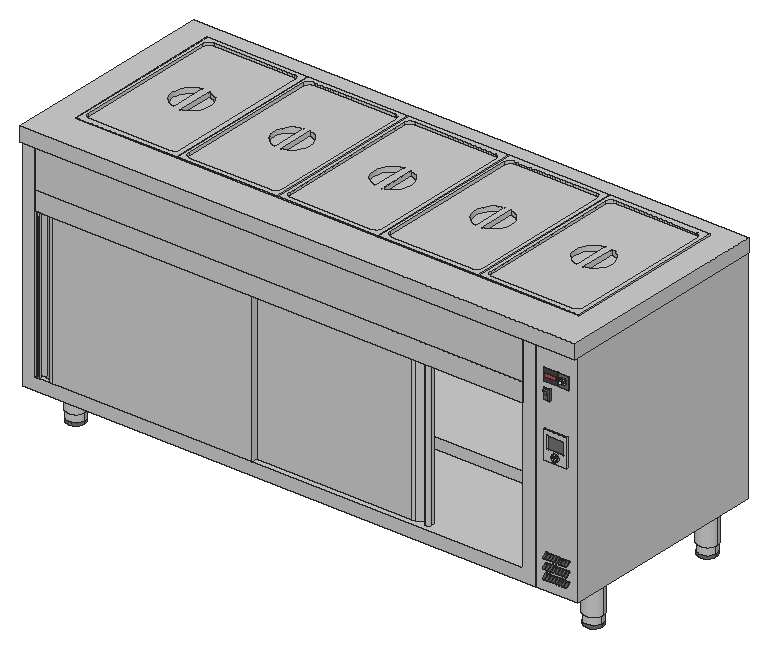
Revit family "QF_INOMAK_MHV718_250606083238", category Specialty Equipment, Revit 2021
Family settings
  Round Connector Dimension = Use Diameter
  Part Type = Normal
  OmniClass Number = 23.40.40.14
  OmniClass Title = Food Service Equipment
  Work Plane-Based = No
  Always vertical = Yes
  Cut with Voids When Loaded = No
  Shared = No
  Room Calculation Point = No
Parameters (values of type "MHV718")
  Weight [instance] = 77.00 kg
  Waste Water Discharge Temperature [instance] = 0 °C
  Waste Remarks [instance] = ""
  Warranty Start Date [instance] = ""
  Warranty Duration [instance] = ""
  Volts [instance] = 400 V
  Volt Free Conn [instance] = no
  URL Recommended Spares List [instance] = ""
  URL Manufacturer [instance] = ""
  URL Cutsheet [instance] = ""
  URL Critical Spares List [instance] = ""
  URL = "www.inomak.com"
  Technical Documentation [instance] = ""
  Tag Number [instance] = ""
  Status [instance] = ""
  Start Up Current [instance] = 0 A
  Specification by User [instance] = ""
  Specification by Manufacturer [instance] = ""
  Sound Level [instance] = ""
  Show Logo [instance] = yes
  Show Clearances [instance] = yes
  Service Life Duration [instance] = ""
  Serial Number [instance] = ""
  Seismic Rating [instance] = ""
  SMACNA No [instance] = ""
  Revision Code [instance] = ""
  Revision [instance] = ""
  Production Year [instance] = ""
  Potential Equalisation [instance] = no
  Point Load [instance] = 0
  Plumbing Remarks [instance] = ""
  Plumbing Connection Type [instance] = ""
  Phase [instance] = 3
  Other Equipment Approvals [instance] = ""
  Operational Current [instance] = 0 A
  Odor Trap Included [instance] = no
  Number of Poles [instance] = 3
  No Load Power Draw [instance] = no
  National Water Regulation Certification [instance] = no
  NAFEM Spec ID Number [instance] = ""
  Model Warning [instance] = ""
  Model = "MHV718"
  Min Ckt Ampacity [instance] = 0 A
  Max Overcurrent Protection [instance] = 25 A
  Masterspec [instance] = ""
  Manufacturer = "INOMAK"
  Main switch integrated [instance] = no
  Length Actual [instance] = 1792 mm
  Item Number [instance] = ""
  Installed By [instance] = ""
  Installation Date [instance] = ""
  Indirect Waste Size [instance] = 25.4 mm
  Indirect Waste Remarks [instance] = ""
  Indirect Waste Flow [instance] = 0.0 L/s
  Indirect Waste Connection Type [instance] = ""
  Indirect Waste Connection Height [instance] = 0 mm
  Identify Quantity as Lot [instance] = no
  ID [instance] = ""
  Hygiene Approval [instance] = ""
  Height Actual [instance] = 900 mm
  HP power [instance] = ""
  Furnished By [instance] = ""
  Foodservice Equipment Identifier [instance] = no
  FL Amps [instance] = 19.4 A
  Electrical Remarks [instance] = ""
  Electric power [instance] = 4440 W
  Electric Connection Type [instance] = ""
  Elec Conn RI Height [instance] = 0 mm
  Elec Conn Connection Height [instance] = 0 mm
  ETL Approved [instance] = no
  Direct Waste Water Discharge Temperature [instance] = -273.15 °C
  Direct Waste Size [instance] = 25.4 mm
  Direct Waste RI Height [instance] = 0 mm
  Direct Waste Flow [instance] = 0.0 L/s
  Direct Waste Connection Height [instance] = 0 mm
  Description = "BAIN MARIE ON HEATED CUPBOARD WITH 4 GN PANS CAPACITY"
  Depth Actual [instance] = 700 mm
  Default Elevation = 0 mm
  Cycle [instance] = 50 Hz
  Cost = 0
  Connection to energy optimisation system [instance] = yes
  Conn Plug [instance] = ""
  Conn Conduit [instance] = no
  Cold Water Temperature Recommended [instance] = 0 °C
  Cold Water Size [instance] = 12.7 mm
  Cold Water Remarks [instance] = ""
  Cold Water RI Height [instance] = 0 mm
  Cold Water Quality [instance] = ""
  Cold Water Minimum Pressure [instance] = 200000.0 Pa
  Cold Water Maximum Pressure [instance] = 600000.0 Pa
  Cold Water Flow [instance] = 0.0 L/s
  Cold Water Connection Type [instance] = ""
  Cold Water Connection Height [instance] = 0 mm
  Centralized building control system with digital interface [instance] = ""
  CSI MasterFormat [instance] = ""
  CE Approved [instance] = no
  Barcode [instance] = 0
  Author [instance] = ""
  Asset Identifier [instance] = ""
  Apparent Power [instance] = 4440 VA
  Accessory [instance] = no
Reference planes
  plane 1 "Center (Front/Back)": y = 0
  plane 2: z = 0
  plane 3 "Center (Left/Right)": x = 0
Forms (mm)
  Extrusion 1, solid, not visible
    sketch origin (110.005, -510.025, 142.007) x (1, 0, 0) y (0, 1, 0)
      loop
        line (-2, 2) -> (-2, -2) -> (2, -2) -> (2, 2) -> (-2, 2)
    from -2 to 2
  Extrusion 2, solid, not visible
    sketch origin (110.005, -410.02, 142.007) x (1, 0, 0) y (0, 1, 0)
      loop
        line (-2, 2) -> (-2, -2) -> (2, -2) -> (2, 2) -> (-2, 2)
    from -2 to 2
  Extrusion 3, solid, not visible
    sketch origin (1745.085, -635.031, 142.007) x (1, 0, 0) y (0, 1, 0)
      loop
        line (-2, 2) -> (-2, -2) -> (2, -2) -> (2, 2) -> (-2, 2)
    from -2 to 2
Dimensions and locks
  locked: nested 2 to Extrusion 1 at 2  (x2)
  locked: nested 3 to Extrusion 2 at 2  (x2)
  locked: nested 4 to Extrusion 3 at 2  (x2)
  aligned and locked: level to plane 2
Nested families
  nested 1: "QF_INOMAK_CUPBOARD_BAIN_MARIES_1795_2920" at (0, 0, 140), type "MHV718"
    with Weight 77.00 kg, Warranty Start Date "", Warranty Duration "", URL Cutsheet "", Technical Documentation "", Tag Number "", Status "", Specification by User "", Specification by Manufacturer "", Sound Level "", Solid Fuel Type "", Show Logo yes, Show Clearances yes, Service Life Duration "", Serial Number "", Seismic Rating "", SMACNA No "", Revision Code "", Revision "", Production Year "", Point Load 0, Other Equipment Approvals "", NAFEM Spec ID Number "", Model Warning "", Masterspec "", Length Actual 1792 mm, Item Number "", Installed By "", Installation Date "", Identify Quantity as Lot yes, ID "", Hygiene Approval "", Height Actual 900 mm, Furnished By "", Foodservice Equipment Identifier yes, ETL Approved yes, Depth Actual 700 mm, CSI MasterFormat "", CE Approved yes, Barcode "", Author "", Asset Identifier "", Accessory no
  nested 2: "CONN_POINT_COLDWATER_2D___Generic_Annotation" at (110.005, -510.025, 140.007), type "CONN_POINT_COLDWATER_2D___Generic_Annotation"
    with Onboard connection annotation symbol visibility yes
  nested 3: "CONN_POINT_DRAIN_2D___Generic_Annotation" at (110.005, -410.02, 140.007), type "CONN_POINT_DRAIN_2D___Generic_Annotation"
    with Onboard connection annotation symbol visibility yes
  nested 4: "CONN_POINT_ELE_2D___Generic_Annotation" at (1745.085, -635.031, 140.007), type "CONN_POINT_ELE_2D___Generic_Annotation"
    with Onboard connection annotation symbol visibility yes
  nested 5: "QF_INOMAK_LEGS_5089" at (0, 0, 0), type "LG-1795-700"
    with Weight 0.00 kg, Warranty Start Date "", Warranty Duration "", URL Cutsheet "", Technical Documentation "", Tag Number "", Status "", Specification by User "", Specification by Manufacturer "", Sound Level "", Solid Fuel Type "", Show Logo yes, Show Clearances yes, Service Life Duration "", Serial Number "", Seismic Rating "", SMACNA No "", Revision Code "", Revision "", Production Year "", Point Load 0, Other Equipment Approvals "", NAFEM Spec ID Number "", Model Warning "", Masterspec "", Length Actual 1792 mm, Item Number "", Installed By "", Installation Date "", Identify Quantity as Lot yes, ID "", Hygiene Approval "", Height Actual 140 mm, Furnished By "", Foodservice Equipment Identifier yes, ETL Approved yes, Depth Actual 700 mm, CSI MasterFormat "", CE Approved yes, Barcode "", Author "", Asset Identifier "", Accessory yes
Connectors
  piping at (110.005, -510.025, 140.007), diameter 12.7, driven by "Cold Water Size", driven by "Cold Water Flow"
    settings: on Extrusion 1, index 1, connector inside diameter 609.6 mm, connector length 0 mm, flow factor 0, pipe flow 0.0 L/s, pressure drop 0.0 Pa, fitting loss kfactor 0, connector angle 0.00°, fixture units 0, engagement length 0 mm, angle of deflection 0.00°, flow configuration 1, flow direction 1, fitting loss method 0, system type 20, joint type 0, gender type 0, connector reference index -1, connector utility 0, adjustable connector no, is connector primary yes, connector description "Cold Water connection for MHV718"
  piping at (110.005, -410.02, 140.007), diameter 25.4, driven by "Indirect Waste Size", driven by "Direct Waste Flow"
    settings: on Extrusion 2, index 2, connector inside diameter 609.6 mm, connector length 0 mm, flow factor 0, pipe flow 0.0 L/s, pressure drop 0.0 Pa, fitting loss kfactor 0, connector angle 0.00°, fixture units 0, engagement length 0 mm, angle of deflection 0.00°, flow configuration 1, flow direction 2, fitting loss method 0, system type 16, joint type 0, gender type 0, connector reference index -1, connector utility 0, adjustable connector no, is connector primary no, connector description "Waste connection for MHV718"
  electrical at (1745.085, -635.031, 140.007), driven by "Apparent Power", driven by "Number of Poles", driven by "Volts"
    settings: on Extrusion 3, index 3, voltage 400 V, apparent load 0 VA, apparent load phase1 4440 VA, apparent load phase2 0 VA, apparent load phase3 0 VA, power factor 1, load classification "Other", number of poles 3, system type 31, power factor state 1, is connector primary yes, connector utility no, sub classification motor no, connector description "Electrical connection for MHV718"
Definition of nested family "QF_INOMAK_CUPBOARD_BAIN_MARIES_1795_2920"
  Parameters (values of type "MDV718")
    Weight [instance] = 0.00 kg
    Warranty Start Date [instance] = ""
    Warranty Duration [instance] = ""
    URL Cutsheet [instance] = ""
    URL = "www.inomak.com"
    Technical Documentation [instance] = ""
    Tag Number [instance] = ""
    Status [instance] = ""
    Specification by User [instance] = ""
    Specification by Manufacturer [instance] = ""
    Sound Level [instance] = ""
    Solid Fuel Type [instance] = ""
    Show Logo [instance] = yes
    Show Clearances [instance] = yes
    Service Life Duration [instance] = ""
    Serial Number [instance] = ""
    Seismic Rating [instance] = ""
    SMACNA No [instance] = ""
    Revision Code [instance] = ""
    Revision [instance] = ""
    Production Year [instance] = ""
    Point Load [instance] = 0
    Other Equipment Approvals [instance] = ""
    NAFEM Spec ID Number [instance] = ""
    Model Warning [instance] = ""
    Model = "MDV718"
    Masterspec [instance] = ""
    Manufacturer = "INOMAK"
    Length Actual [instance] = 0 mm
    Item Number [instance] = ""
    Installed By [instance] = ""
    Installation Date [instance] = ""
    Identify Quantity as Lot [instance] = yes
    ID [instance] = ""
    Hygiene Approval [instance] = ""
    Height Actual [instance] = 0 mm
    Furnished By [instance] = ""
    Foodservice Equipment Identifier [instance] = yes
    ETL Approved [instance] = yes
    Description = "BAIN MARIE ON CUPBOARD WITH 4 GN PANS CAPACITY"
    Depth Actual [instance] = 0 mm
    Default Elevation = 0 mm
    CSI MasterFormat [instance] = ""
    CE Approved [instance] = yes
    Barcode [instance] = ""
    Author [instance] = ""
    Asset Identifier [instance] = ""
    Assembly Code = "E1090320"
    Accessory [instance] = yes
  Types (10, lengths in mm): name | Model | Description
    MFV718 | "MFV718" | "BAIN MARIE ON CUPBOARD WITH 4 GN PANS CAPACITY AND SHOWCASE"
    MHV718 | "MHV718" | "BAIN MARIE ON HEATED CUPBOARD WITH 4 GN PANS CAPACITY"
    MJV718 | "MJV718" | "BAIN MARIE ON HEATED CUPBOARD WITH 4 GN PANS CAPACITY AND SINGLE SNEEZE GUARD"
    MQV718 | "MQV718" | "BAIN MARIE ON HEATED CUPBOARD WITH 4 GN PANS CAPACITY AND DOUBLE SNEEZE GUARD"
    MISQ718 | "MISQ718" | "BAIN MARIE ON HEATED CUPBOARD WITH 4 GN PANS CAPACITY AND SQUARE SHOWCASE"
    MDV718 | "MDV718" | "BAIN MARIE ON CUPBOARD WITH 4 GN PANS CAPACITY"
    MVV718 | "MVV718" | "BAIN MARIE ON CUPBOARD WITH 4 GN PANS CAPACITY AND SINGLE SNEEZE GUARD"
    MRV718 | "MRV718" | "BAIN MARIE ON CUPBOARD WITH 4 GN PANS CAPACITY AND DOUBLE SNEEZE GUARD"
    MFSQ718 | "MFSQ718" | "BAIN MARIE ON CUPBOARD WITH 4 GN PANS CAPACITY AND SQUARE SHOWCASE"
    MIV718 | "MIV718" | "BAIN MARIE ON HEATED CUPBOARD WITH 4 GN PANS CAPACITY AND SHOWCASE"
  Reference planes
    plane 1 "Back": y = 0
    plane 2: z = 0
    plane 3 "Left": x = 0
    plane 4 "Right": x = 1792
    plane 5 "Front": y = -700
    plane 6 "Top": z = 756
  Forms (mm)
    Extrusion 1, solid
      sketch origin (1168.283, -707, -123.631) x (-1, 0, 0) y (0, 0, 1)
        loop
          arc (-522.253, 235.165) -> (-526.351, 236.263) -> (-527.449, 232.165) r 3
          line (-527.449, 232.165) -> (-518.449, 216.577)
          arc (-518.449, 216.577) -> (-514.351, 215.479) -> (-513.253, 219.577) r 3
          line (-513.253, 219.577) -> (-522.253, 235.165)
        loop
          arc (-532.253, 235.165) -> (-536.351, 236.263) -> (-537.449, 232.165) r 3
          line (-537.449, 232.165) -> (-528.449, 216.577)
          arc (-528.449, 216.577) -> (-524.351, 215.479) -> (-523.253, 219.577) r 3
          line (-523.253, 219.577) -> (-532.253, 235.165)
        loop
          arc (-542.253, 235.165) -> (-546.351, 236.263) -> (-547.449, 232.165) r 3
          line (-547.449, 232.165) -> (-538.449, 216.577)
          arc (-538.449, 216.577) -> (-534.351, 215.479) -> (-533.253, 219.577) r 3
          line (-533.253, 219.577) -> (-542.253, 235.165)
        loop
          arc (-552.253, 235.165) -> (-556.351, 236.263) -> (-557.449, 232.165) r 3
          line (-557.449, 232.165) -> (-548.449, 216.577)
          arc (-548.449, 216.577) -> (-544.351, 215.479) -> (-543.253, 219.577) r 3
          line (-543.253, 219.577) -> (-552.253, 235.165)
        loop
          arc (-562.253, 235.165) -> (-566.351, 236.263) -> (-567.449, 232.165) r 3
          line (-567.449, 232.165) -> (-558.449, 216.577)
          arc (-558.449, 216.577) -> (-554.351, 215.479) -> (-553.253, 219.577) r 3
          line (-553.253, 219.577) -> (-562.253, 235.165)
        loop
          arc (-572.253, 235.165) -> (-576.351, 236.263) -> (-577.449, 232.165) r 3
          line (-577.449, 232.165) -> (-568.449, 216.577)
          arc (-568.449, 216.577) -> (-564.351, 215.479) -> (-563.253, 219.577) r 3
          line (-563.253, 219.577) -> (-572.253, 235.165)
        loop
          arc (-582.253, 235.165) -> (-586.351, 236.263) -> (-587.449, 232.165) r 3
          line (-587.449, 232.165) -> (-578.449, 216.577)
          arc (-578.449, 216.577) -> (-574.351, 215.479) -> (-573.253, 219.577) r 3
          line (-573.253, 219.577) -> (-582.253, 235.165)
        loop
          arc (-592.253, 235.165) -> (-596.351, 236.263) -> (-597.449, 232.165) r 3
          line (-597.449, 232.165) -> (-588.449, 216.577)
          arc (-588.449, 216.577) -> (-584.351, 215.479) -> (-583.253, 219.577) r 3
          line (-583.253, 219.577) -> (-592.253, 235.165)
        loop
          arc (-522.253, 205.165) -> (-526.351, 206.263) -> (-527.449, 202.165) r 3
          line (-527.449, 202.165) -> (-518.449, 186.577)
          arc (-518.449, 186.577) -> (-514.351, 185.479) -> (-513.253, 189.577) r 3
          line (-513.253, 189.577) -> (-522.253, 205.165)
        loop
          arc (-532.253, 205.165) -> (-536.351, 206.263) -> (-537.449, 202.165) r 3
          line (-537.449, 202.165) -> (-528.449, 186.577)
          arc (-528.449, 186.577) -> (-524.351, 185.479) -> (-523.253, 189.577) r 3
          line (-523.253, 189.577) -> (-532.253, 205.165)
        loop
          arc (-542.253, 205.165) -> (-546.351, 206.263) -> (-547.449, 202.165) r 3
          line (-547.449, 202.165) -> (-538.449, 186.577)
          arc (-538.449, 186.577) -> (-534.351, 185.479) -> (-533.253, 189.577) r 3
          line (-533.253, 189.577) -> (-542.253, 205.165)
        loop
          arc (-552.253, 205.165) -> (-556.351, 206.263) -> (-557.449, 202.165) r 3
          line (-557.449, 202.165) -> (-548.449, 186.577)
          arc (-548.449, 186.577) -> (-544.351, 185.479) -> (-543.253, 189.577) r 3
          line (-543.253, 189.577) -> (-552.253, 205.165)
        loop
          arc (-562.253, 205.165) -> (-566.351, 206.263) -> (-567.449, 202.165) r 3
          line (-567.449, 202.165) -> (-558.449, 186.577)
          arc (-558.449, 186.577) -> (-554.351, 185.479) -> (-553.253, 189.577) r 3
          line (-553.253, 189.577) -> (-562.253, 205.165)
        loop
          arc (-572.253, 205.165) -> (-576.351, 206.263) -> (-577.449, 202.165) r 3
          line (-577.449, 202.165) -> (-568.449, 186.577)
          arc (-568.449, 186.577) -> (-564.351, 185.479) -> (-563.253, 189.577) r 3
          line (-563.253, 189.577) -> (-572.253, 205.165)
        loop
          arc (-582.253, 205.165) -> (-586.351, 206.263) -> (-587.449, 202.165) r 3
          line (-587.449, 202.165) -> (-578.449, 186.577)
          arc (-578.449, 186.577) -> (-574.351, 185.479) -> (-573.253, 189.577) r 3
          line (-573.253, 189.577) -> (-582.253, 205.165)
        loop
          arc (-592.253, 205.165) -> (-596.351, 206.263) -> (-597.449, 202.165) r 3
          line (-597.449, 202.165) -> (-588.449, 186.577)
          arc (-588.449, 186.577) -> (-584.351, 185.479) -> (-583.253, 189.577) r 3
          line (-583.253, 189.577) -> (-592.253, 205.165)
        loop
          arc (-522.253, 175.165) -> (-526.351, 176.263) -> (-527.449, 172.165) r 3
          line (-527.449, 172.165) -> (-518.449, 156.577)
          arc (-518.449, 156.577) -> (-514.351, 155.479) -> (-513.253, 159.577) r 3
          line (-513.253, 159.577) -> (-522.253, 175.165)
        loop
          arc (-532.253, 175.165) -> (-536.351, 176.263) -> (-537.449, 172.165) r 3
          line (-537.449, 172.165) -> (-528.449, 156.577)
          arc (-528.449, 156.577) -> (-524.351, 155.479) -> (-523.253, 159.577) r 3
          line (-523.253, 159.577) -> (-532.253, 175.165)
        loop
          arc (-542.253, 175.165) -> (-546.351, 176.263) -> (-547.449, 172.165) r 3
          line (-547.449, 172.165) -> (-538.449, 156.577)
          arc (-538.449, 156.577) -> (-534.351, 155.479) -> (-533.253, 159.577) r 3
          line (-533.253, 159.577) -> (-542.253, 175.165)
        loop
          arc (-552.253, 175.165) -> (-556.351, 176.263) -> (-557.449, 172.165) r 3
          line (-557.449, 172.165) -> (-548.449, 156.577)
          arc (-548.449, 156.577) -> (-544.351, 155.479) -> (-543.253, 159.577) r 3
          line (-543.253, 159.577) -> (-552.253, 175.165)
        loop
          arc (-562.253, 175.165) -> (-566.351, 176.263) -> (-567.449, 172.165) r 3
          line (-567.449, 172.165) -> (-558.449, 156.577)
          arc (-558.449, 156.577) -> (-554.351, 155.479) -> (-553.253, 159.577) r 3
          line (-553.253, 159.577) -> (-562.253, 175.165)
        loop
          arc (-572.253, 175.165) -> (-576.351, 176.263) -> (-577.449, 172.165) r 3
          line (-577.449, 172.165) -> (-568.449, 156.577)
          arc (-568.449, 156.577) -> (-564.351, 155.479) -> (-563.253, 159.577) r 3
          line (-563.253, 159.577) -> (-572.253, 175.165)
        loop
          arc (-582.253, 175.165) -> (-586.351, 176.263) -> (-587.449, 172.165) r 3
          line (-587.449, 172.165) -> (-578.449, 156.577)
          arc (-578.449, 156.577) -> (-574.351, 155.479) -> (-573.253, 159.577) r 3
          line (-573.253, 159.577) -> (-582.253, 175.165)
        loop
          arc (-592.253, 175.165) -> (-596.351, 176.263) -> (-597.449, 172.165) r 3
          line (-597.449, 172.165) -> (-588.449, 156.577)
          arc (-588.449, 156.577) -> (-584.351, 155.479) -> (-583.253, 159.577) r 3
          line (-583.253, 159.577) -> (-592.253, 175.165)
      from 16.5 to 18.5
    Extrusion 2, solid
      sketch origin (1476.266, -692, 538.514) x (-1, 0, 0) y (0, 0, 1)
        loop
          line (-208.234, 108.408) -> (-253.234, 108.408) -> (-253.234, 68.408) -> (-208.234, 68.408) -> (-208.234, 108.408)
      from 0 to 2
    Extrusion 3, solid
      sketch origin (754.5, -693, 539.422) x (-1, 0, 0) y (0, 0, 1)
        loop
          line (-950, 15) -> (-930, 15) -> (-930, 50) -> (-950, 50) -> (-950, 15)
      from 0 to 3
    Extrusion 4, solid
      sketch origin (782.5, -568, 539.422) x (0, 1, 0) y (0, 0, 1)
        loop
          line (-125, 18) -> (-125, 47)
          arc (-125, 47) -> (-127.961, 46.812) -> (-130.754, 45.81) r 10.576
          line (-130.754, 45.81) -> (-128, 32.5) -> (-128, 18) -> (-125, 18)
      from 905 to 919
    Extrusion 5, solid
      sketch origin (1521.266, -692, 538.514) x (-1, 0, 0) y (0, 0, 1)
        loop
          line (-208.234, 108.408) -> (-243.234, 108.408) -> (-243.234, 68.408) -> (-208.234, 68.408) -> (-208.234, 108.408)
      from 0 to 2
    Extrusion 6, solid
      sketch origin (1476.266, -692.5, 538.514) x (-1, 0, 0) y (0, 0, 1)
        loop
          line (-213.234, 94.908) -> (-248.234, 94.908) -> (-248.234, 81.908) -> (-213.234, 81.908) -> (-213.234, 94.908)
      from 0 to 2.5
    Extrusion 7, solid
      sketch origin (1476.266, -692.5, 538.514) x (-1, 0, 0) y (0, 0, 1)
        loop
          line (-271.558, 91.171) -> (-275.802, 98.522) -> (-280.047, 91.171) -> (-271.558, 91.171)
        loop
          line (-271.558, 85.645) -> (-280.047, 85.645) -> (-275.802, 78.294) -> (-271.558, 85.645)
        loop
          line (-257.397, 85.645) -> (-267.397, 85.645) -> (-267.397, 78.294) -> (-257.397, 78.294) -> (-257.397, 85.645)
        loop
          line (-265.397, 98.522) -> (-267.397, 98.522) -> (-267.397, 92.322) -> (-259.549, 92.322) -> (-259.549, 91.171) -> (-257.397, 93.322) -> (-259.549, 95.474) -> (-259.549, 94.322) -> (-265.397, 94.322) -> (-265.397, 98.522)
      from 0 to 2.5
    Extrusion 8, solid
      sketch origin (28.5, 0, 488) x (1, 0, 0) y (0, 1, 0)
        loop
          line (55, -50) -> (55, -580) -> (380, -580) -> (380, -50) -> (55, -50)
        loop
          arc (87.5, -65) -> (73.358, -70.858) -> (67.5, -85) r 20
          line (67.5, -85) -> (67.5, -545.415)
          arc (67.5, -545.415) -> (73.358, -559.557) -> (87.5, -565.415) r 20
          line (87.5, -565.415) -> (347.5, -565.415)
          arc (347.5, -565.415) -> (361.642, -559.557) -> (367.5, -545.415) r 20
          line (367.5, -545.415) -> (367.5, -85)
          arc (367.5, -85) -> (361.642, -70.858) -> (347.5, -65) r 20
          line (347.5, -65) -> (87.5, -65)
      from 222 to 270
    Extrusion 9, solid
      sketch origin (28.5, 0, 481) x (1, 0, 0) y (0, 1, 0)
        loop
          arc (67.5, -545.415) -> (73.358, -559.557) -> (87.5, -565.415) r 20
          line (87.5, -565.415) -> (347.5, -565.415)
          arc (347.5, -565.415) -> (361.642, -559.557) -> (367.5, -545.415) r 20
          line (367.5, -545.415) -> (367.5, -85)
          arc (367.5, -85) -> (361.642, -70.858) -> (347.5, -65) r 20
          line (347.5, -65) -> (87.5, -65)
          arc (87.5, -65) -> (73.358, -70.858) -> (67.5, -85) r 20
          line (67.5, -85) -> (67.5, -545.415)
      from 229 to 270
    Extrusion 10, void
      sketch origin (28.5, 0, 496) x (1, 0, 0) y (0, 1, 0)
        loop
          arc (207.5, -256.046) -> (157.5, -315.207) -> (207.5, -374.368) r 60
          line (207.5, -374.368) -> (207.5, -256.046)
        loop
          line (227.5, -256.046) -> (227.5, -374.368)
          arc (227.5, -374.368) -> (277.5, -315.207) -> (227.5, -256.046) r 60
      from 240 to 270
    Extrusion 11, solid
      sketch origin (353.5, 0, 488) x (1, 0, 0) y (0, 1, 0)
        loop
          line (55, -50) -> (55, -580) -> (380, -580) -> (380, -50) -> (55, -50)
        loop
          arc (87.5, -65) -> (73.358, -70.858) -> (67.5, -85) r 20
          line (67.5, -85) -> (67.5, -545.415)
          arc (67.5, -545.415) -> (73.358, -559.557) -> (87.5, -565.415) r 20
          line (87.5, -565.415) -> (347.5, -565.415)
          arc (347.5, -565.415) -> (361.642, -559.557) -> (367.5, -545.415) r 20
          line (367.5, -545.415) -> (367.5, -85)
          arc (367.5, -85) -> (361.642, -70.858) -> (347.5, -65) r 20
          line (347.5, -65) -> (87.5, -65)
      from 222 to 270
    Extrusion 12, solid
      sketch origin (353.5, 0, 481) x (1, 0, 0) y (0, 1, 0)
        loop
          arc (67.5, -545.415) -> (73.358, -559.557) -> (87.5, -565.415) r 20
          line (87.5, -565.415) -> (347.5, -565.415)
          arc (347.5, -565.415) -> (361.642, -559.557) -> (367.5, -545.415) r 20
          line (367.5, -545.415) -> (367.5, -85)
          arc (367.5, -85) -> (361.642, -70.858) -> (347.5, -65) r 20
          line (347.5, -65) -> (87.5, -65)
          arc (87.5, -65) -> (73.358, -70.858) -> (67.5, -85) r 20
          line (67.5, -85) -> (67.5, -545.415)
      from 229 to 270
    Extrusion 13, void
      sketch origin (353.5, 0, 496) x (1, 0, 0) y (0, 1, 0)
        loop
          arc (207.5, -256.046) -> (157.5, -315.207) -> (207.5, -374.368) r 60
          line (207.5, -374.368) -> (207.5, -256.046)
        loop
          line (227.5, -256.046) -> (227.5, -374.368)
          arc (227.5, -374.368) -> (277.5, -315.207) -> (227.5, -256.046) r 60
      from 240 to 270
    Extrusion 14, solid
      sketch origin (1003.5, 0, 488) x (1, 0, 0) y (0, 1, 0)
        loop
          line (55, -50) -> (55, -580) -> (380, -580) -> (380, -50) -> (55, -50)
        loop
          arc (87.5, -65) -> (73.358, -70.858) -> (67.5, -85) r 20
          line (67.5, -85) -> (67.5, -545.415)
          arc (67.5, -545.415) -> (73.358, -559.557) -> (87.5, -565.415) r 20
          line (87.5, -565.415) -> (347.5, -565.415)
          arc (347.5, -565.415) -> (361.642, -559.557) -> (367.5, -545.415) r 20
          line (367.5, -545.415) -> (367.5, -85)
          arc (367.5, -85) -> (361.642, -70.858) -> (347.5, -65) r 20
          line (347.5, -65) -> (87.5, -65)
      from 222 to 270
    Extrusion 15, solid
      sketch origin (1003.5, 0, 481) x (1, 0, 0) y (0, 1, 0)
        loop
          arc (67.5, -545.415) -> (73.358, -559.557) -> (87.5, -565.415) r 20
          line (87.5, -565.415) -> (347.5, -565.415)
          arc (347.5, -565.415) -> (361.642, -559.557) -> (367.5, -545.415) r 20
          line (367.5, -545.415) -> (367.5, -85)
          arc (367.5, -85) -> (361.642, -70.858) -> (347.5, -65) r 20
          line (347.5, -65) -> (87.5, -65)
          arc (87.5, -65) -> (73.358, -70.858) -> (67.5, -85) r 20
          line (67.5, -85) -> (67.5, -545.415)
      from 229 to 270
    Extrusion 16, void
      sketch origin (1003.5, 0, 496) x (1, 0, 0) y (0, 1, 0)
        loop
          arc (207.5, -256.046) -> (157.5, -315.207) -> (207.5, -374.368) r 60
          line (207.5, -374.368) -> (207.5, -256.046)
        loop
          line (227.5, -256.046) -> (227.5, -374.368)
          arc (227.5, -374.368) -> (277.5, -315.207) -> (227.5, -256.046) r 60
      from 240 to 270
    Extrusion 17, solid
      sketch origin (0, 0, 706) x (1, 0, 0) y (0, 1, 0)
        loop
          line (0, 0) -> (0, -700) -> (1792, -700) -> (1792, 0) -> (0, 0)
        loop
          line (83.5, -50) -> (83.5, -580) -> (1708.5, -580) -> (1708.5, -50) -> (83.5, -50)
      from 4 to 50
    Extrusion 18, solid
      sketch origin (0, 0, 0) x (1, 0, 0) y (0, 1, 0)
        loop
          line (0, -690) -> (40, -690) -> (40, -40) -> (1617, -40) -> (1617, -690) -> (1657, -690) -> (1657, 0) -> (0, 0) -> (0, -690)
      from 0 to 710
    Extrusion 19, solid
      sketch origin (687, 0, 0) x (1, 0, 0) y (0, 1, 0)
        loop
          line (970, 0) -> (970, -690) -> (1105, -690) -> (1105, 0) -> (970, 0)
      from 0 to 710
    Extrusion 20, solid
      sketch origin (-130, -690, 0) x (-1, 0, 0) y (0, 1, 0)
        loop
          line (-170, 10) -> (-170, 20) -> (-868.5, 20) -> (-868.5, 0) -> (-226.156, 0)
          arc (-226.156, 0) -> (-220.272, 0.885) -> (-214.91, 3.461) r 20
          line (-214.91, 3.461) -> (-195, 17) -> (-173, 17) -> (-173, 10)
          arc (-173, 10) -> (-175.05, 5.05) -> (-180, 3) r 7
          line (-180, 3) -> (-185.012, 3) -> (-185.012, 0) -> (-180, 0)
          arc (-180, 0) -> (-172.929, 2.929) -> (-170, 10) r 10
      from -40 to -520
    Extrusion 21, solid
      sketch origin (367, -690, 0) x (-1, 0, 0) y (0, 1, 0)
        loop
          arc (-930, 30) -> (-927.071, 22.929) -> (-920, 20) r 10
          line (-920, 20) -> (-914.988, 20) -> (-914.988, 23) -> (-920, 23)
          arc (-920, 23) -> (-924.95, 25.05) -> (-927, 30) r 7
          line (-927, 30) -> (-927, 37) -> (-905, 37) -> (-885.09, 23.461)
          arc (-885.09, 23.461) -> (-879.728, 20.885) -> (-873.844, 20) r 20
          line (-873.844, 20) -> (-231.5, 20) -> (-231.5, 40) -> (-930, 40) -> (-930, 30)
      from -40 to -520
    Extrusion 22, solid
      sketch origin (0, 0, 0) x (1, 0, 0) y (0, 1, 0)
        loop
          line (40, -40) -> (40, -690) -> (1620, -690) -> (1620, -40) -> (40, -40)
      from 0 to 40
    Extrusion 23, solid
      sketch origin (0.5, 0, 672.314) x (1, 0, 0) y (0, 1, 0)
        loop
          line (39.5, -40) -> (39.5, -690) -> (1616.5, -690) -> (1616.5, -40) -> (39.5, -40)
      from -92.314 to 37.686
    Extrusion 24, solid
      sketch origin (-1.5, 0, 610.314) x (1, 0, 0) y (0, 1, 0)
        loop
          line (41.5, -40) -> (41.5, -690) -> (1618.5, -690) -> (1618.5, -40) -> (41.5, -40)
      from -90.314 to -30.314
    Extrusion 25, solid
      sketch origin (-1.5, 0, 252.5) x (1, 0, 0) y (0, 1, 0)
        loop
          line (41.5, -40) -> (41.5, -645) -> (1618.5, -645) -> (1618.5, -40) -> (41.5, -40)
      from 0 to 35
    Extrusion 26, solid
      sketch origin (694.002, -695, 50) x (-1, 0, 0) y (0, 0, 1)
        loop
          line (-992.998, 421.076) -> (-1067.998, 421.076) -> (-1067.998, 331.076) -> (-992.998, 331.076) -> (-992.998, 421.076)
        loop
          line (-1003.957, 406.276) -> (-1058.957, 406.276) -> (-1058.957, 366.276) -> (-1003.957, 366.276) -> (-1003.957, 406.276)
      from 0 to 5
    Extrusion 27, solid
      sketch origin (694.002, -692, 50) x (-1, 0, 0) y (0, 0, 1)
        loop
          line (-1003.957, 406.276) -> (-1058.957, 406.276) -> (-1058.957, 366.276) -> (-1003.957, 366.276) -> (-1003.957, 406.276)
      from 0 to 2
    Revolve 28, solid
      sketch origin (1724.5, 59.612, -3292.415) x (0, 1, 0) y (0, 0, 1)
        loop
          line (-757.012, 3691.152) -> (-754.612, 3691.152) -> (-754.612, 3701.789) -> (-757.662, 3701.789) -> (-759.012, 3699.998) -> (-757.012, 3699.998) -> (-757.012, 3691.152)
        axis (-754.612, 3691.152) -> (-759.012, 3691.152)
      angle from 0 to 360
    Extrusion 29, solid
      sketch origin (-367.127, -695, 2689.585) x (-1, 0, 0) y (0, 0, 1)
        loop
          line (-2090.827, -2287.348) -> (-2092.827, -2287.348) -> (-2092.827, -2294.348) -> (-2090.827, -2294.348) -> (-2090.827, -2287.348)
        loop
          circle (-2091.627, -2290.848) r 7.846
      from -4.4 to -2.4
    Extrusion 30, solid
      sketch origin (678.5, 0, 488) x (1, 0, 0) y (0, 1, 0)
        loop
          line (55, -50) -> (55, -580) -> (380, -580) -> (380, -50) -> (55, -50)
        loop
          arc (87.5, -65) -> (73.358, -70.858) -> (67.5, -85) r 20
          line (67.5, -85) -> (67.5, -545.415)
          arc (67.5, -545.415) -> (73.358, -559.557) -> (87.5, -565.415) r 20
          line (87.5, -565.415) -> (347.5, -565.415)
          arc (347.5, -565.415) -> (361.642, -559.557) -> (367.5, -545.415) r 20
          line (367.5, -545.415) -> (367.5, -85)
          arc (367.5, -85) -> (361.642, -70.858) -> (347.5, -65) r 20
          line (347.5, -65) -> (87.5, -65)
      from 222 to 270
    Extrusion 31, solid
      sketch origin (678.5, 0, 481) x (1, 0, 0) y (0, 1, 0)
        loop
          arc (67.5, -545.415) -> (73.358, -559.557) -> (87.5, -565.415) r 20
          line (87.5, -565.415) -> (347.5, -565.415)
          arc (347.5, -565.415) -> (361.642, -559.557) -> (367.5, -545.415) r 20
          line (367.5, -545.415) -> (367.5, -85)
          arc (367.5, -85) -> (361.642, -70.858) -> (347.5, -65) r 20
          line (347.5, -65) -> (87.5, -65)
          arc (87.5, -65) -> (73.358, -70.858) -> (67.5, -85) r 20
          line (67.5, -85) -> (67.5, -545.415)
      from 229 to 270
    Extrusion 32, void
      sketch origin (678.5, 0, 496) x (1, 0, 0) y (0, 1, 0)
        loop
          arc (207.5, -256.046) -> (157.5, -315.207) -> (207.5, -374.368) r 60
          line (207.5, -374.368) -> (207.5, -256.046)
        loop
          line (227.5, -256.046) -> (227.5, -374.368)
          arc (227.5, -374.368) -> (277.5, -315.207) -> (227.5, -256.046) r 60
      from 240 to 270
    Extrusion 33, solid
      sketch origin (1328.5, 0, 488) x (1, 0, 0) y (0, 1, 0)
        loop
          line (55, -50) -> (55, -580) -> (380, -580) -> (380, -50) -> (55, -50)
        loop
          arc (87.5, -65) -> (73.358, -70.858) -> (67.5, -85) r 20
          line (67.5, -85) -> (67.5, -545.415)
          arc (67.5, -545.415) -> (73.358, -559.557) -> (87.5, -565.415) r 20
          line (87.5, -565.415) -> (347.5, -565.415)
          arc (347.5, -565.415) -> (361.642, -559.557) -> (367.5, -545.415) r 20
          line (367.5, -545.415) -> (367.5, -85)
          arc (367.5, -85) -> (361.642, -70.858) -> (347.5, -65) r 20
          line (347.5, -65) -> (87.5, -65)
      from 222 to 270
    Extrusion 34, solid
      sketch origin (1328.5, 0, 481) x (1, 0, 0) y (0, 1, 0)
        loop
          arc (67.5, -545.415) -> (73.358, -559.557) -> (87.5, -565.415) r 20
          line (87.5, -565.415) -> (347.5, -565.415)
          arc (347.5, -565.415) -> (361.642, -559.557) -> (367.5, -545.415) r 20
          line (367.5, -545.415) -> (367.5, -85)
          arc (367.5, -85) -> (361.642, -70.858) -> (347.5, -65) r 20
          line (347.5, -65) -> (87.5, -65)
          arc (87.5, -65) -> (73.358, -70.858) -> (67.5, -85) r 20
          line (67.5, -85) -> (67.5, -545.415)
      from 229 to 270
    Extrusion 35, void
      sketch origin (1328.5, 0, 496) x (1, 0, 0) y (0, 1, 0)
        loop
          arc (207.5, -256.046) -> (157.5, -315.207) -> (207.5, -374.368) r 60
          line (207.5, -374.368) -> (207.5, -256.046)
        loop
          line (227.5, -256.046) -> (227.5, -374.368)
          arc (227.5, -374.368) -> (277.5, -315.207) -> (227.5, -256.046) r 60
      from 240 to 270
  Cuts and joins
    Extrusion 10, Extrusion 13 cuts Extrusion 9
    Extrusion 13, Extrusion 16, Extrusion 32 cuts Extrusion 12
    Extrusion 16, Extrusion 35 cuts Extrusion 15
    joined: Extrusion 18, Extrusion 22
    Extrusion 32 cuts Extrusion 31
    Extrusion 35 cuts Extrusion 34
  Lines and regions (mm)
    symbolic lines
      curve 1: line (0, 0, 0) -> (1792, 0, 0)
      curve 2: line (0, -700, 0) -> (0, 0, 0)
      curve 3: line (1792, -700, 0) -> (0, -700, 0)
      curve 4: line (1792, 0, 0) -> (1792, -700, 0)
      curve 5: line (83.5, -50, 0) -> (1708.5, -50, 0)
      curve 6: line (83.5, -580, 0) -> (83.5, -50, 0)
      curve 7: line (1708.5, -580, 0) -> (83.5, -580, 0)
      curve 8: line (733.5, -50, 0) -> (733.5, -580, 0)
      curve 9: line (408.5, -50, 0) -> (408.5, -580, 0)
      curve 10: line (1708.5, -50, 0) -> (1708.5, -580, 0)
      curve 11: line (1058.5, -50, 0) -> (1058.5, -580, 0)
      curve 12: line (1383.5, -50, 0) -> (1383.5, -580, 0)
      curve 13: line (116, -65, 0) -> (376, -65, 0)
      curve 14: arc (376, -65, 0) -> (390.142, -70.858, 0) -> (396, -85, 0) r 20
      curve 15: line (396, -85, 0) -> (396, -545.415, 0)
      curve 16: arc (396, -545.415, 0) -> (390.142, -559.557, 0) -> (376, -565.415, 0) r 20
      curve 17: line (376, -565.415, 0) -> (116, -565.415, 0)
      curve 18: arc (116, -565.415, 0) -> (101.858, -559.557, 0) -> (96, -545.415, 0) r 20
      curve 19: line (96, -545.415, 0) -> (96, -85, 0)
      curve 20: arc (96, -85, 0) -> (101.858, -70.858, 0) -> (116, -65, 0) r 20
      curve 21: arc (236, -256.046, 0) -> (186, -315.207, 0) -> (236, -374.368, 0) r 60
      curve 22: line (236, -374.368, 0) -> (236, -256.046, 0)
      curve 23: line (256, -256.046, 0) -> (256, -374.368, 0)
      curve 24: arc (256, -374.368, 0) -> (306, -315.207, 0) -> (256, -256.046, 0) r 60
      curve 25: line (441, -65, 0) -> (701, -65, 0)
      curve 26: arc (701, -65, 0) -> (715.142, -70.858, 0) -> (721, -85, 0) r 20
      curve 27: line (721, -85, 0) -> (721, -545.415, 0)
      curve 28: arc (721, -545.415, 0) -> (715.142, -559.557, 0) -> (701, -565.415, 0) r 20
      curve 29: line (701, -565.415, 0) -> (441, -565.415, 0)
      curve 30: arc (441, -565.415, 0) -> (426.858, -559.557, 0) -> (421, -545.415, 0) r 20
      curve 31: line (421, -545.415, 0) -> (421, -85, 0)
      curve 32: arc (421, -85, 0) -> (426.858, -70.858, 0) -> (441, -65, 0) r 20
      curve 33: arc (561, -256.046, 0) -> (511, -315.207, 0) -> (561, -374.368, 0) r 60
      curve 34: line (561, -374.368, 0) -> (561, -256.046, 0)
      curve 35: line (581, -256.046, 0) -> (581, -374.368, 0)
      curve 36: arc (581, -374.368, 0) -> (631, -315.207, 0) -> (581, -256.046, 0) r 60
      curve 37: line (766, -65, 0) -> (1026, -65, 0)
      curve 38: arc (1026, -65, 0) -> (1040.142, -70.858, 0) -> (1046, -85, 0) r 20
      curve 39: line (1046, -85, 0) -> (1046, -545.415, 0)
      curve 40: arc (1046, -545.415, 0) -> (1040.142, -559.557, 0) -> (1026, -565.415, 0) r 20
      curve 41: line (1026, -565.415, 0) -> (766, -565.415, 0)
      curve 42: arc (766, -565.415, 0) -> (751.858, -559.557, 0) -> (746, -545.415, 0) r 20
      curve 43: line (746, -545.415, 0) -> (746, -85, 0)
      curve 44: arc (746, -85, 0) -> (751.858, -70.858, 0) -> (766, -65, 0) r 20
      curve 45: arc (886, -256.046, 0) -> (836, -315.207, 0) -> (886, -374.368, 0) r 60
      curve 46: line (886, -374.368, 0) -> (886, -256.046, 0)
      curve 47: line (906, -256.046, 0) -> (906, -374.368, 0)
      curve 48: arc (906, -374.368, 0) -> (956, -315.207, 0) -> (906, -256.046, 0) r 60
      curve 49: line (1091, -65, 0) -> (1351, -65, 0)
      curve 50: arc (1351, -65, 0) -> (1365.142, -70.858, 0) -> (1371, -85, 0) r 20
      curve 51: line (1371, -85, 0) -> (1371, -545.415, 0)
      curve 52: arc (1371, -545.415, 0) -> (1365.142, -559.557, 0) -> (1351, -565.415, 0) r 20
      curve 53: line (1351, -565.415, 0) -> (1091, -565.415, 0)
      curve 54: arc (1091, -565.415, 0) -> (1076.858, -559.557, 0) -> (1071, -545.415, 0) r 20
      curve 55: line (1071, -545.415, 0) -> (1071, -85, 0)
      curve 56: arc (1071, -85, 0) -> (1076.858, -70.858, 0) -> (1091, -65, 0) r 20
      curve 57: arc (1211, -256.046, 0) -> (1161, -315.207, 0) -> (1211, -374.368, 0) r 60
      curve 58: line (1211, -374.368, 0) -> (1211, -256.046, 0)
      curve 59: line (1231, -256.046, 0) -> (1231, -374.368, 0)
      curve 60: arc (1231, -374.368, 0) -> (1281, -315.207, 0) -> (1231, -256.046, 0) r 60
      curve 61: line (1416, -65, 0) -> (1676, -65, 0)
      curve 62: arc (1676, -65, 0) -> (1690.142, -70.858, 0) -> (1696, -85, 0) r 20
      curve 63: line (1696, -85, 0) -> (1696, -545.415, 0)
      curve 64: arc (1696, -545.415, 0) -> (1690.142, -559.557, 0) -> (1676, -565.415, 0) r 20
      curve 65: line (1676, -565.415, 0) -> (1416, -565.415, 0)
      curve 66: arc (1416, -565.415, 0) -> (1401.858, -559.557, 0) -> (1396, -545.415, 0) r 20
      curve 67: line (1396, -545.415, 0) -> (1396, -85, 0)
      curve 68: arc (1396, -85, 0) -> (1401.858, -70.858, 0) -> (1416, -65, 0) r 20
      curve 69: arc (1536, -256.046, 0) -> (1486, -315.207, 0) -> (1536, -374.368, 0) r 60
      curve 70: line (1536, -374.368, 0) -> (1536, -256.046, 0)
      curve 71: line (1556, -256.046, 0) -> (1556, -374.368, 0)
      curve 72: arc (1556, -374.368, 0) -> (1606, -315.207, 0) -> (1556, -256.046, 0) r 60
  Dimensions and locks
    plane 3 "Left" to plane 4 "Right" = 1792 mm
    plane 5 "Front" to plane 1 "Back" = 700 mm
    plane 6 "Top" to plane 2 = 756 mm
    aligned and locked: level to plane 2
Definition of nested family "QF_INOMAK_LEGS_5089"
  Parameters (values of type "LG-1545-700-BC")
    Weight [instance] = 0.00 kg
    Warranty Start Date [instance] = ""
    Warranty Duration [instance] = ""
    URL Cutsheet [instance] = ""
    URL = "www.inomak.com"
    Technical Documentation [instance] = ""
    Tag Number [instance] = ""
    Status [instance] = ""
    Specification by User [instance] = ""
    Specification by Manufacturer [instance] = ""
    Sound Level [instance] = ""
    Solid Fuel Type [instance] = ""
    Show Logo [instance] = yes
    Show Clearances [instance] = yes
    Service Life Duration [instance] = ""
    Serial Number [instance] = ""
    Seismic Rating [instance] = ""
    SMACNA No [instance] = ""
    Right offset = 300 mm
    Revision Code [instance] = ""
    Revision [instance] = ""
    Rear offset = 90 mm
    Production Year [instance] = ""
    Point Load [instance] = 0
    Other Equipment Approvals [instance] = ""
    NAFEM Spec ID Number [instance] = ""
    Model Warning [instance] = ""
    Model = "LG"
    Masterspec [instance] = ""
    Manufacturer = "INOMAK"
    Length Actual [instance] = 0 mm
    Length = 1546 mm
    Left offset = 100 mm
    Item Number [instance] = ""
    Installed By [instance] = ""
    Installation Date [instance] = ""
    Identify Quantity as Lot [instance] = yes
    ID [instance] = ""
    Hygiene Approval [instance] = ""
    Height Actual [instance] = 0 mm
    Height = 115 mm
    Furnished By [instance] = ""
    Front offset = 150 mm
    Foodservice Equipment Identifier [instance] = yes
    ETL Approved [instance] = yes
    Description = "STANDARD LEGS"
    Depth Actual [instance] = 0 mm
    Depth = 700 mm
    Default Elevation = 0 mm
    CentralLegs = if(Length > 1900 mm, 2 > 1, 2 < 1)  # no
    CSI MasterFormat [instance] = ""
    CE Approved [instance] = yes
    Barcode [instance] = ""
    Author [instance] = ""
    Asset Identifier [instance] = ""
    Assembly Code = "E1090320"
    Accessory [instance] = yes
  Types (14, lengths in mm): name | Right offset | Rear offset | Length | Left offset | Height | Front offset | Depth | CentralLegs
    LG-720-830 | 100 | 60 | 720 | 100 | 115 | 160 | 830 | no
    LG-1440-830 | 100 | 60 | 1440 | 100 | 115 | 160 | 830 | no
    LG-720-730 | 100 | 60 | 720 | 100 | 115 | 160 | 730 | no
    LG-1440-730 | 100 | 60 | 1440 | 100 | 115 | 160 | 730 | no
    LG-1105-700 | 60 | 90 | 1103 | 60 | 144 | 150 | 700 | no
    LG-1545-700 | 300 | 90 | 1546 | 100 | 144 | 150 | 700 | no
    LG-1995-700 | 300 | 90 | 1996 | 100 | 144 | 150 | 700 | yes
    LG-1545-700-BC | 300 | 90 | 1546 | 100 | 115 | 150 | 700 | no
    LG-1995-700-BC | 300 | 90 | 1996 | 100 | 115 | 150 | 700 | yes
    LG-1410-700 | 60 | 90 | 1406 | 60 | 144 | 150 | 700 | no
    LG-1795-700 | 60 | 90 | 1792 | 60 | 144 | 150 | 700 | no
    LG-1105-600 | 60 | 90 | 1103 | 60 | 144 | 150 | 600 | no
    LG-1545-600 | 300 | 90 | 1546 | 100 | 144 | 150 | 600 | no
    LG-1995-600 | 300 | 90 | 1996 | 100 | 144 | 150 | 600 | yes
  Reference planes
    plane 1 "Back": y = 0
    plane 2: z = 0
    plane 3 "Left": x = 0
    plane 4 "Right": x = 1546
    plane 5 "Front": y = -700
    plane 6 "Top": z = 115
    plane 7 "Left offset": x = 100
    plane 8 "Right offset": x = 1246
    plane 9 "Rear offset": y = -90
    plane 10 "Front offset": y = -550
    plane 11: x = 673
  Dimensions and locks
    "Length": plane 3 "Left" to plane 4 "Right"
    "Depth": plane 5 "Front" to plane 1 "Back"
    "Left offset": plane 3 "Left" to plane 7 "Left offset"
    "Right offset": plane 8 "Right offset" to plane 4 "Right"
    "Rear offset": plane 9 "Rear offset" to plane 1 "Back"
    "Front offset": plane 10 "Front offset" to plane 5 "Front"
    "Height": plane 6 "Top" to level
    equal spacing: plane 7 "Left offset", plane 11, plane 8 "Right offset"
    aligned and locked: level to plane 2
    aligned and locked: nested 2 to plane 8 "Right offset"
    aligned and locked: nested 3 to plane 8 "Right offset"
    aligned and locked: nested 4 to plane 7 "Left offset"
    aligned and locked: nested 4 to plane 10 "Front offset"
    aligned and locked: nested 3 to plane 10 "Front offset"
    aligned and locked: nested 1 to plane 7 "Left offset"
    aligned and locked: nested 1 to plane 9 "Rear offset"
    aligned and locked: nested 2 to plane 9 "Rear offset"
    aligned and locked: nested 5 to plane 11
    aligned and locked: nested 5 to plane 10 "Front offset"
  Nested families
    nested 1: "QF_INOMAK_LEG" at (100, -90, 0), type "QF_INOMAK_LEG"
      with Height 115 mm
    nested 2: "QF_INOMAK_LEG" at (1246, -90, 0), type "QF_INOMAK_LEG"
      with Height 115 mm
    nested 3: "QF_INOMAK_LEG" at (1246, -550, 0), type "QF_INOMAK_LEG"
      with Height 115 mm
    nested 4: "QF_INOMAK_LEG" at (100, -550, 0), type "QF_INOMAK_LEG"
      with Height 115 mm
    nested 5: "QF_INOMAK_LEG" at (673, -550, 0), visible <- "CentralLegs", type "QF_INOMAK_LEG"
      with Height 115 mm
  Definition of nested family "QF_INOMAK_LEG"
    Parameters (values of type "QF_INOMAK_LEG")
      Height = 118 mm
      Default Elevation = 0 mm
    Reference planes
      plane 1 "Center (Front/Back)": y = 0
      plane 2: z = 0
      plane 3 "Center (Left/Right)": x = 0
      plane 4 "Top": z = 118
    Forms (mm)
      Extrusion 1, solid
        sketch origin (0, 0, 118) x (0, 1, 0) y (-1, 0, 0)
          loop
            line (50, 45) -> (-50, 45) -> (-50, -45) -> (50, -45) -> (50, 45)
        from 0 to -3
      Extrusion 2, solid
        sketch origin (-199.986, 580, 0) x (1, 0, 0) y (0, 1, 0)
          loop
            circle (199.986, -580) r 28
        from 9 to 35
      Extrusion 3, solid
        sketch origin (-199.986, 580, 0) x (1, 0, 0) y (0, 1, 0)
          loop
            circle (199.986, -580) r 28.5
        from 0 to 9
      Sweep 4, solid
        path origin (0, 0, 0) x (0, 1, 0) y (0, 0, 1)
          loop
            line (0, 115) -> (0, 35)
        profile origin (0, 0, 75) x (1, 0, 0) y (0, 1, 0)
          loop
            circle (0, 0) r 32
    Dimensions and locks
      "Height": plane 4 "Top" to plane 2
      aligned and locked: level to plane 2
    Automatic sketch dimensions
      plane 1 "Center (Front/Back)" to Extrusion 1 sketch curve = 50 mm
      Extrusion 1 sketch curve to plane 1 "Center (Front/Back)" = 50 mm
      plane 3 "Center (Left/Right)" to Extrusion 1 sketch curve = 45 mm
      Extrusion 1 sketch curve to plane 3 "Center (Left/Right)" = 45 mm
      plane 1 "Center (Front/Back)" to Extrusion 2 sketch curve = 0 mm
      Extrusion 2 sketch curve to plane 3 "Center (Left/Right)" = 0 mm
      plane 1 "Center (Front/Back)" to Extrusion 3 sketch curve = 0 mm
      Extrusion 3 sketch curve to plane 3 "Center (Left/Right)" = 0 mm
      Sweep 4 sketch curve to plane 1 "Center (Front/Back)" = 0 mm
      level to Sweep 4 sketch curve = 35 mm
      Sweep 4 sketch curve to plane 4 "Top" = 3 mm
      Sweep 4 sketch curve to plane 3 "Center (Left/Right)" = 0 mm
      profile plane to Sweep 4 sketch curve = 0 mm
      radius of Extrusion 2 sketch curve = 28 mm
      radius of Extrusion 3 sketch curve = 28.5 mm
      radius of Sweep 4 sketch curve = 32 mm
Definition of nested family "CONN_POINT_COLDWATER_2D___Generic_Annotation"
  Parameters (values of type "CONN_POINT_COLDWATER_2D___Generic_Annotation")
    Onboard connection annotation symbol visibility [instance] = yes
  Reference planes
    plane 1: y = 0
    plane 2: x = 0
  Lines and regions (mm)
    detail lines, visible <- "Onboard connection annotation symbol visibility"
      curve 1: circle (0, 0, 0) r 0.5 normal (0, 0, 1)
      curve 2: line (-1, 0, 0) -> (1, 0, 0)
      curve 3: line (0, 1, 0) -> (0, -1, 0)
      curve 4: line (3.241, 1, 0) -> (3.717, -1, 0)
      curve 5: line (3.717, -1, 0) -> (4.193, 1, 0)
      curve 6: line (4.193, 1, 0) -> (4.669, -1, 0)
      curve 7: line (4.669, -1, 0) -> (5.145, 1, 0)
      curve 8: arc (2.67, 0.524, 0) -> (2.004, 1, 0) -> (1.337, 0.524, 0) r 0.704
      curve 9: arc (1.337, -0.524, 0) -> (2.004, -1, 0) -> (2.67, -0.524, 0) r 0.704
      curve 10: arc (1.337, 0.524, 0) -> (1.25, 0, 0) -> (1.337, -0.524, 0) r 1.616
Definition of nested family "CONN_POINT_DRAIN_2D___Generic_Annotation"
  Parameters (values of type "CONN_POINT_DRAIN_2D___Generic_Annotation")
    Onboard connection annotation symbol visibility [instance] = yes
  Reference planes
    plane 1: y = 0
    plane 2: x = 0
  Lines and regions (mm)
    detail lines, visible <- "Onboard connection annotation symbol visibility"
      curve 1: circle (0, 0, 0) r 0.5 normal (0, 0, 1)
      curve 2: line (-1, 0, 0) -> (1, 0, 0)
      curve 3: line (0, 1, 0) -> (0, -1, 0)
      curve 4: line (1.776, 1, 0) -> (1.25, 1, 0)
      curve 5: line (1.25, 1, 0) -> (1.25, -1, 0)
      curve 6: line (1.25, -1, 0) -> (1.776, -1, 0)
      curve 7: arc (2.206, -0.862, 0) -> (2.459, -0.589, 0) -> (2.583, -0.238, 0) r 0.918
      curve 8: arc (2.583, 0.238, 0) -> (2.459, 0.589, 0) -> (2.206, 0.862, 0) r 0.918
      curve 9: arc (2.583, -0.238, 0) -> (2.599, 0, 0) -> (2.583, 0.238, 0) r 1.77
      curve 10: arc (2.206, 0.862, 0) -> (2.002, 0.965, 0) -> (1.776, 1, 0) r 0.741
      curve 11: arc (1.776, -1, 0) -> (2.002, -0.965, 0) -> (2.206, -0.862, 0) r 0.741
Definition of nested family "CONN_POINT_ELE_2D___Generic_Annotation"
  Parameters (values of type "CONN_POINT_ELE_2D___Generic_Annotation")
    Onboard connection annotation symbol visibility [instance] = yes
  Reference planes
    plane 1: y = 0
    plane 2: x = 0
  Lines and regions (mm)
    detail lines, visible <- "Onboard connection annotation symbol visibility"
      curve 1: circle (0, 0, 0) r 0.5 normal (0, 0, 1)
      curve 2: line (-1, 0, 0) -> (1, 0, 0)
      curve 3: line (0, 1, 0) -> (0, -1, 0)
      curve 4: line (2.5, 1, 0) -> (1.25, 1, 0)
      curve 5: line (1.25, 1, 0) -> (1.25, -1, 0)
      curve 6: line (1.25, -1, 0) -> (2.5, -1, 0)
      curve 7: line (1.25, 0, 0) -> (2, 0, 0)
